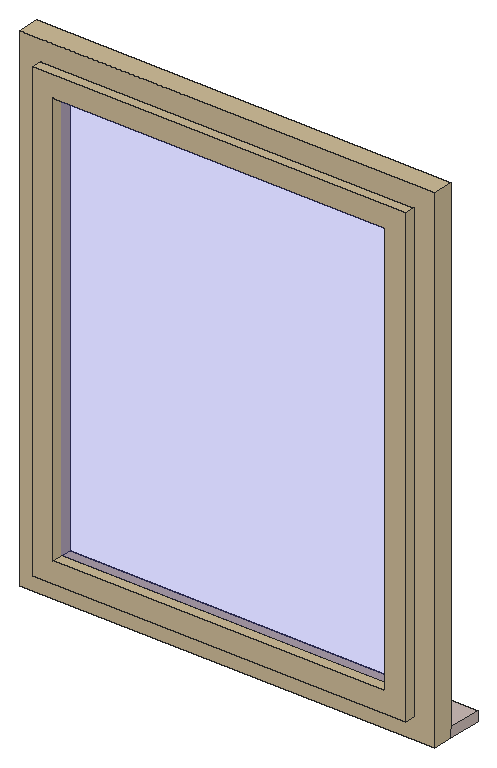
Revit family
Parameters (values of type "800/1200")
  Operation = "SinglePanel"
  Keynote = "L10/210"
  Height = 120 cm
  Default Sill Height = 80 cm
  Wall Closure = (empty or 0)
  Width = 100 cm
Types (4, lengths in cm): name | Width
  (no name) | 100
  800/1200 | 100
  1000/1200 | 100
  1200/1200 | 120
Reference planes (cm)
  plane 1: y = 0.0519
  plane 2 "Center": x = 0
  plane 3 "Left": x = -50
  plane 4 "Right": x = 50
  plane 5 "Sill": z = 80
  plane 6 "Head": z = 200
  plane 7: y = 2.5519
  plane 8: y = -4.9481
  plane 9: y = -2.4481
  plane 10: z = 190
  plane 11: z = 195
  plane 12: z = 90
  plane 13: z = 85
  plane 14: x = -45
  plane 15: x = -40
  plane 16: x = 40
  plane 17: x = 45
  plane 18: z = 82.5
  plane 19: z = 140
  plane 20: z = 177.5
Forms (cm)
  Extrusion 1, solid, material "Default Frame"
    sketch origin (0, 0, 0) x (0, 0, -1) y (1, 0, 0)
      loop
        line (-200, -50) -> (-80, -50) -> (-80, 50) -> (-200, 50) -> (-200, -50)
      loop
        line (-195, -45) -> (-85, -45) -> (-85, 45) -> (-195, 45) -> (-195, -45)
    from -2.5519 to 2.4481
  Extrusion 2, solid, material "Default Frame"
    sketch origin (0, 0, 0) x (0, 0, -1) y (1, 0, 0)
      loop
        line (-195, -45) -> (-85, -45) -> (-85, 45) -> (-195, 45) -> (-195, -45)
      loop
        line (-190, -40) -> (-90, -40) -> (-90, 40) -> (-190, 40) -> (-190, -40)
    from 0 to 4.9481
  Extrusion 3, solid, material "Glass"
    sketch origin (0, 0, 0) x (0, 0, -1) y (1, 0, 0)
      loop
        line (-190, -40) -> (-90, -40) -> (-90, 40) -> (-190, 40) -> (-190, -40)
    from 2.4481 to 2.5481
  Extrusion 4, solid, material "Default Sill", detail levels fine
    sketch origin (0, 0.0519, 0) x (0, 0, -1) y (1, 0, 0)
      loop
        line (-82.5, 50) -> (-82.5, -50) -> (-80, -50) -> (-80, 50) -> (-82.5, 50)
    from -10.4481 to -2.5
Lines and regions (cm)
  Opening 1
    outline origin (350, -7.5, 0) x (1, 0, 0) y (0, 0, 1)
      loop
        line (-300, 80) -> (-300, 200) -> (-400, 200) -> (-400, 80) -> (-300, 80)
  symbolic lines, style "Elevation Swing"
    curve 1: line (45, 0, 140) -> (50, 0, 140)
    curve 2: line (45, 0, 140) -> (0, 0, 103.1818)
    curve 3: line (0, 0, 103.1818) -> (-45, 0, 158.1818)
    curve 4: line (-45, 0, 158.1818) -> (0, 0, 195)
    curve 5: line (0, 0, 195) -> (45, 0, 140)
    curve 6: line (-45, 0, 158.1818) -> (-50, 0, 158.1818)
Text (cm)
  text "EXTERIOR" at (-325.9869, 133.2353, 0), in view "Ref. Level"
  text "INTERIOR" at (-325.9869, -81.8386, 0), in view "Ref. Level"
  text "Exterior" at (0, 92.3751, 416.4757), in view "Right"
  text "Exterior" at (0, 211.3942, 406.8519), in view "Left"
Dimensions and locks (cm)
  equal spacing: plane 3 "Left", plane 2 "Center", plane 4 "Right"
  "Width": plane 3 "Left" to plane 4 "Right"
  "Height": plane 5 "Sill" to plane 6 "Head"
  "Default Sill Height": plane 5 "Sill" to level
  plane 8 to plane 9 to plane 1 to plane 7 = 2.5 cm locked, 2.5 cm locked, 2.5 cm locked
  plane 3 "Left" to plane 14 to plane 15 = 5 cm locked, 5 cm locked
  plane 16 to plane 17 to plane 4 "Right" = 5 cm locked, 5 cm locked
  plane 12 to plane 13 to plane 5 "Sill" = 5 cm locked, 5 cm locked
  plane 6 "Head" to plane 11 to plane 10 = 5 cm locked, 5 cm locked
  locked: Extrusion 3 to plane 9 at 0.1
  locked: plane 5 "Sill" to plane 18 at 2.5
  locked: Extrusion 4 to host wall at 3
  locked: plane 20 to plane 10 at 12.5
  equal spacing: plane 12, plane 19, plane 10
  aligned and locked: Extrusion 1 to plane 7
  aligned and locked: plane 9 to Extrusion 1
  aligned and locked: plane 8 to Extrusion 2
  aligned and locked: Extrusion 2 to host wall
  aligned and locked: Extrusion 3 to plane 9
  aligned and locked: plane 7 to Extrusion 4
Automatic sketch dimensions
  Opening 1 sketch curve to plane 3 "Left" = 0 cm
  Opening 1 sketch curve to plane 4 "Right" = 0 cm
  Opening 1 sketch curve to plane 5 "Sill" = 0 cm
  Opening 1 sketch curve to plane 6 "Head" = 0 cm
  Extrusion 1 sketch curve to plane 4 "Right" = 0 cm
  Extrusion 1 sketch curve to plane 6 "Head" = 0 cm
  Extrusion 1 sketch curve to plane 11 = 0 cm
  Extrusion 1 sketch curve to plane 13 = 0 cm
  Extrusion 1 sketch curve to plane 5 "Sill" = 0 cm
  Extrusion 1 sketch curve to plane 3 "Left" = 0 cm
  Extrusion 1 sketch curve to plane 14 = 0 cm
  Extrusion 1 sketch curve to plane 17 = 0 cm
  Extrusion 2 sketch curve to plane 11 = 0 cm
  Extrusion 2 sketch curve to plane 10 = 0 cm
  Extrusion 2 sketch curve to plane 12 = 0 cm
  Extrusion 2 sketch curve to plane 13 = 0 cm
  Extrusion 2 sketch curve to plane 14 = 0 cm
  Extrusion 2 sketch curve to plane 15 = 0 cm
  Extrusion 2 sketch curve to plane 16 = 0 cm
  Extrusion 2 sketch curve to plane 17 = 0 cm
  Extrusion 3 sketch curve to plane 10 = 0 cm
  Extrusion 3 sketch curve to plane 12 = 0 cm
  Extrusion 3 sketch curve to plane 15 = 0 cm
  Extrusion 3 sketch curve to plane 16 = 0 cm
  Extrusion 4 sketch curve to plane 3 "Left" = 0 cm
  Extrusion 4 sketch curve to plane 18 = 0 cm
  Extrusion 4 sketch curve to plane 4 "Right" = 0 cm
  Extrusion 4 sketch curve to plane 5 "Sill" = 0 cm
  curve 4 to plane 2 "Center" = 0 cm
  curve 4 to plane 11 = 0 cm
  curve 2 to plane 17 = 0 cm
  curve 2 to plane 19 = 0 cm
  curve 4 to plane 14 = 0 cm
  curve 6 to plane 3 "Left" = 0 cm
  curve 1 to plane 4 "Right" = 0 cm
